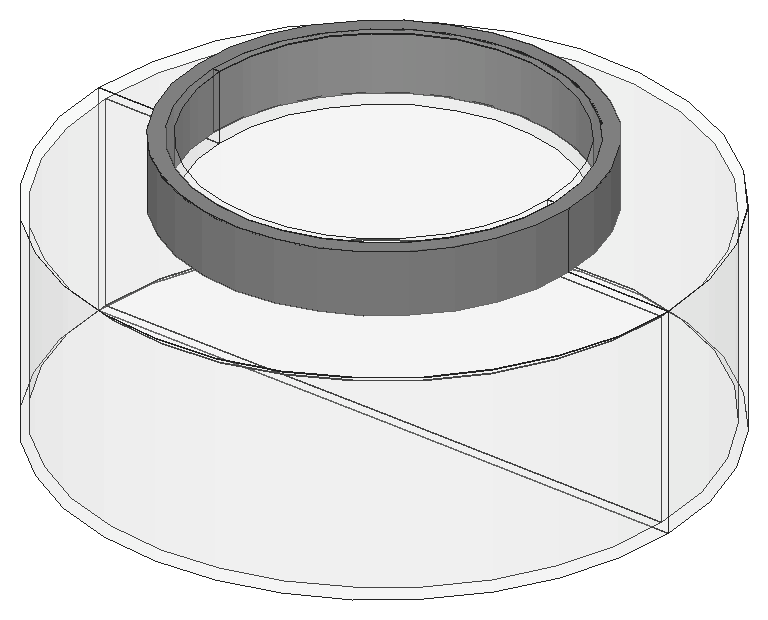
Revit family
Parameters
  Wattage = 12.1178 W
  built-in parameter 1150110 = 1 (stored number, unit not read)
  built-in parameter 1114217 = 1 (stored number, unit not read)
  built-in parameter 1150109 = 1 (stored number, unit not read)
  built-in parameter 1150134 = 3
  built-in parameter 1150113 = 1 (stored number, unit not read)
  built-in parameter 1150105 = 143.24 (stored number, unit not read)
  Lumens = 1800 lm
  built-in parameter 1150115 = 1 (stored number, unit not read)
  Light Source Symbol Size = 609.60 mm
  built-in parameter 1150137 = (empty or 0)
  built-in parameter 1150139 = (empty or 0)
  built-in parameter 1150112 = 1 (stored number, unit not read)
  built-in parameter 1150114 = 1 (stored number, unit not read)
  built-in parameter 1150132 = 2
  built-in parameter 1150102 = (empty or 0)
  built-in parameter 1150107 = 3200 (stored number, unit not read)
  built-in parameter 1150138 = (empty or 0)
  built-in parameter 1150106 = 1.4324 (stored number, unit not read)
  built-in parameter 1150104 = 13.8 (stored number, unit not read)
  Dimming Lamp Color Temperature Shift = (empty or 0)
  Color Filter = 16777215
  built-in parameter 1114218 = 1 (stored number, unit not read)
  built-in parameter 1150133 = 10 (stored number, unit not read)
Reference planes
  plane 1 "Center (Front/Back)": y = 0
  plane 2 "Ceiling": z = 2438.4
  plane 3 "Center (Left/Right)": x = 0
  plane 4 "Light Source Elevation": z = 2387.6
  plane 5: x = -76.2
  plane 6: x = -127
  plane 7: z = 2324.1
  plane 8: z = 2413
Forms (mm)
  Revolve 1, solid, material "Glass - White, High Luminance"
    sketch origin (0, 0, 0) x (0, 0, -1) y (1, 0, 0)
      loop
        line (-2438.4, -76.2) -> (-2413, -76.2) -> (-2413, -127) -> (-2324.1, -127) -> (-2324.1, 0) -> (-2327.275, 0) -> (-2327.275, -123.825) -> (-2409.825, -123.825) -> (-2409.825, -73.025) -> (-2438.4, -73.025) -> (-2438.4, -76.2)
      axis (-2438.4, 0) -> (-2324.1, 0)
    angle from 0 to 360
  Extrusion 2, solid, material "Metal - Paint Finish - Dark Gray, Matte"
    sketch origin (0, 0, 2438.4) x (1, 0, 0) y (0, 1, 0)
      loop
        circle (0, 0) r 82.55
      loop
        circle (0, 0) r 76.2
    from -25.4 to 0
Lines and regions (mm)
  sketch lines
    curve 1: line (-1524, 1524, 0) -> (1524, 1524, 0)
    curve 2: line (-1524, 1524, 0) -> (-1524, -1524, 0)
    curve 3: line (-1524, -1524, 0) -> (1524, -1524, 0)
    curve 4: line (1524, 1524, 0) -> (1524, -1524, 0)
  model lines
    curve 5: arc (-127, 0, 2438.4) -> (0, 127, 2438.4) -> (127, 0, 2438.4) r 127
    curve 6: arc (-73.025, 0, 2438.4) -> (0, 73.025, 2438.4) -> (73.025, 0, 2438.4) r 73.025
    curve 7: arc (127, 0, 2438.4) -> (0, -127, 2438.4) -> (-127, 0, 2438.4) r 127
    curve 8: arc (73.025, 0, 2438.4) -> (0, -73.025, 2438.4) -> (-73.025, 0, 2438.4) r 73.025
Dimensions and locks
  equal spacing: curve 2, plane 3 "Center (Left/Right)", curve 4
  equal spacing: curve 3, plane 1 "Center (Front/Back)", curve 1
  curve 2 to curve 4 = 3048.00 mm
  curve 3 to curve 1 = 3048.00 mm
  plane 2 "Ceiling" to plane 7 = 114.30 mm
  plane 6 to plane 3 "Center (Left/Right)" = 127.00 mm
  aligned and locked: curve 5 to Revolve 1
  aligned and locked: curve 6 to Revolve 1
  aligned and locked: Revolve 1 to Extrusion 2
  aligned and locked: plane 2 "Ceiling" to Extrusion 2
  aligned and locked: plane 3 "Center (Left/Right)" to imposter light
  aligned and locked: plane 1 "Center (Front/Back)" to imposter light
  aligned and locked: plane 4 "Light Source Elevation" to imposter light
Automatic sketch dimensions
  Revolve 1 sketch curve to plane 3 "Center (Left/Right)" = 0.00 mm  (x2)
  Revolve 1 sketch curve to plane 2 "Ceiling" = 0.00 mm
  Revolve 1 sketch curve to plane 5 = 0.00 mm
  Revolve 1 sketch curve to plane 8 = 0.00 mm
  Revolve 1 sketch curve to plane 7 = 0.00 mm
  Revolve 1 sketch curve to plane 6 = 0.00 mm
  plane 2 "Ceiling" to Revolve 1 sketch curve = 25.40 mm
  plane 8 to Revolve 1 sketch curve = 3.175 mm
  Revolve 1 sketch curve to plane 7 = 3.175 mm
  plane 7 to Revolve 1 sketch curve = 25.40 mm
  Revolve 1 sketch curve to plane 6 = 3.175 mm
  Revolve 1 sketch curve to plane 5 = 3.175 mm
  Extrusion 2 sketch curve to plane 1 "Center (Front/Back)" = 0.00 mm  (x2)
  Extrusion 2 sketch curve to plane 3 "Center (Left/Right)" = 0.00 mm  (x2)
  Extrusion 2 sketch curve to plane 3 "Center (Left/Right)" = 76.20 mm
  Extrusion 2 sketch curve to Extrusion 2 sketch curve = 6.35 mm
